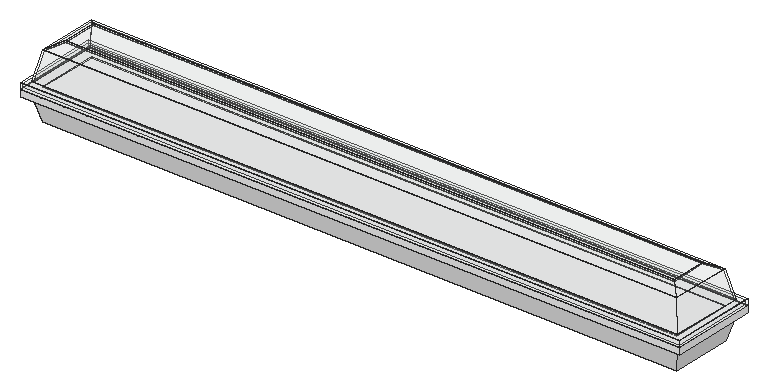
Revit family "LXEP", category Lighting Fixtures, host Face, Revit 2012
Parameters (values of type "LXEP4-40XL-DFA-EU")
  Wattage = 102 W
  built-in parameter 1150110 = 1 (stored number, unit not read)
  Voltage = 120 V
  Wattage Comments = ""
  URL = "http://www.columbialighting.com/"
  built-in parameter 1114217 = 1 (stored number, unit not read)
  Tilt Angle = -90.00°
  built-in parameter 1150109 = 1 (stored number, unit not read)
  built-in parameter 1150134 = 12
  built-in parameter 1150113 = 1 (stored number, unit not read)
  Shielding = "Deep Frosted Acrylic"
  Product Page URL = "http://www.columbialighting.com/products/lxep"
  Product Documentation Link = "http://www.columbialighting.com/content/products/specs/specs_files/lxep.pdf"
  Photometric Web File = "LXEP4-40XL-DFA-EU.ies"
  Nominal Watts = 102 W
  Model = "LXEP"  # constant formula
  Manufacturer Phone = "(864)-678-1000"  # constant formula
  Manufacturer Fax = "(866)-898-1065"  # constant formula
  Manufacturer = "Columbia Lighting"  # constant formula
  Row Length = 4.00 ft
  built-in parameter 1150105 = 787.34 (stored number, unit not read)
  Lumens = 9894 lm
  built-in parameter 1150115 = 1 (stored number, unit not read)
  Lumen Output = "Xtra High Lumen"
  built-in parameter 1150137 = (empty or 0)
  built-in parameter 1150139 = (empty or 0)
  built-in parameter 1150112 = 1 (stored number, unit not read)
  built-in parameter 1150114 = 1 (stored number, unit not read)
  Lamp = "LED Lamp"
  built-in parameter 1150132 = (empty or 0)
  built-in parameter 1150102 = (empty or 0)
  built-in parameter 1150107 = 4000 (stored number, unit not read)
  built-in parameter 1150138 = (empty or 0)
  built-in parameter 1150106 = 7.8734 (stored number, unit not read)
  Glass = White Glass
  Emit from Line Length = 2.00 ft
  built-in parameter 1150104 = 9.0116 (stored number, unit not read)
  Driver = "Fixed Output"
  Dimming Lamp Color Temperature Shift = <None>
  Description = "LXEP is specialized for indoor parking garage applications with wide-angle light distribution to light parking bays, low energy use and high lumens per watt"  # constant formula
  Default Elevation = 4.00 ft
  Color Filter = 16777215
  built-in parameter 1114218 = 1 (stored number, unit not read)
  Backbox = White
  built-in parameter 1150133 = 10 (stored number, unit not read)
  Apparent Load = 0 VA
Reference planes (ft)
  plane 1 "Center (Front/Back)": y = 0.003333
  plane 2: z = 0
  plane 3 "Center (Left/Right)": x = 0.13912
  plane 4: x = -1.86088
  plane 5: x = 2.13912
Dimensions and locks (ft)
  equal spacing: plane 5, plane 3 "Center (Left/Right)", plane 4
  "Row Length": plane 5 to plane 4
  aligned and locked: plane 2 to host face
  aligned and locked: level to host face
  aligned and locked: plane 3 "Center (Left/Right)" to nested 1
  aligned and locked: plane 4 to nested 1
  aligned and locked: plane 5 to nested 1
  aligned and locked: plane 1 "Center (Front/Back)" to nested 1
  aligned and locked: imposter light to nested 1
  aligned and locked: imposter light to plane 1 "Center (Front/Back)"
  aligned and locked: plane 3 "Center (Left/Right)" to imposter light
Automatic sketch dimensions
  host sketch curve to host sketch curve = 8.00 ft  (x2)
Nested families (ft)
  nested 1: "LED Parking Garage" at (0.309759, 0, 0), Row Length <- "Row Length", Glass <- "Glass", Backbox <- "Backbox", type "LED Parking Garage"
    with Row Length 4.00 ft, Glass White Glass, Backbox White
Connectors (ft)
  electrical at (0.13912, 0.003333, 0), driven by "Voltage", driven by "Description"
    settings: on nested 1, index 1, voltage 120 V, apparent load 0 VA, apparent load phase1 0 VA, apparent load phase2 0 VA, apparent load phase3 0 VA, power factor 1, load classification "Other", number of poles 1, system type 30, power factor state 1, is connector primary yes, connector utility no, sub classification motor no, connector description "LXEP is specialized for indoor parking garage applications with wide-angle light distribution to light parking bays, low energy use and high lumens per watt"
Definition of nested family "LED Parking Garage"
  Parameters (values of type "LED Parking Garage")
    Wattage Comments = ""
    URL = ""
    Row Length [instance] = 4.00 ft
    Product Page URL = ""
    Product Documentation Link = ""
    Model = ""
    Manufacturer Phone = "(864)-678-1000"  # constant formula
    Manufacturer Fax = "(866)-898-1065"  # constant formula
    Manufacturer = ""
    Lamp = ""
    Glass [instance] = White Glass
    Description = ""
    Default Elevation = 4.00 ft
    Backbox [instance] = White
  Reference planes (ft)
    plane 1 "Center (Front/Back)": y = 0.003333
    plane 2: z = 0
    plane 3 "Center (Left/Right)": x = -0.170639
    plane 4: x = -2.337306
    plane 5: x = 1.996027
    plane 6: y = 0.28574
    plane 7: y = -0.279075
    plane 8: z = 0.46875
    plane 9: z = 0.2
    plane 10: y = 0.244073
    plane 11: y = -0.237408
    plane 12: y = 0.202407
    plane 13: y = -0.195741
    plane 14: x = -2.170639
    plane 15: x = 1.829361
    plane 16: z = 0.427083
    plane 17: z = 0.241667
    plane 18: y = 0.119073
    plane 19: z = 0.460417
    plane 20: z = 0.0625
    plane 21: y = -0.112408
    plane 22: z = 0.158333
  Forms (ft)
    Extrusion 1, solid
      sketch origin (0, 0, 0.005297) x (1, 0, 0) y (0, 1, 0)
        loop
          line (-4, 4) -> (-4, -4) -> (4, -4) -> (4, 4) -> (-4, 4)
      from -0.005297 to -1.478638
    Extrusion 2, solid, material "White" <- "Backbox"
      sketch origin (0, 1.902299, 0.2) x (0, 1, 0) y (-1, 0, 0)
        loop
          line (-1.783226, 2.170639) -> (-2.014707, 2.170639) -> (-2.014707, -1.829361) -> (-1.783226, -1.829361) -> (-1.783226, 2.170639)
      from -0.2 to 0
    Sweep 3, solid, material "White" <- "Backbox"
      path origin (0, 1.902299, 0.2) x (0, 1, 0) y (-1, 0, 0)
        loop
          line (-1.616559, 2.337306) -> (-2.181374, 2.337306) -> (-2.181374, -1.996027) -> (-1.616559, -1.996027) -> (-1.616559, 2.337306)
      profile origin (-0.170639, 0.28574, 0.2) x (0, 1, 0) y (0, 0, 1)
        loop
          line (0, 0) -> (-0.166667, 0) -> (-0.166667, -0.2) -> (-0.083333, -0.2) -> (-0.041667, -0.041667) -> (0, -0.041667) -> (0, 0)
    Sweep 4, solid, material "White Glass" <- "Glass"
      path origin (0, 1.902299, 0.2) x (0, 1, 0) y (-1, 0, 0)
        loop
          line (-1.616559, 2.337306) -> (-2.181374, 2.337306) -> (-2.181374, -1.996027) -> (-1.616559, -1.996027) -> (-1.616559, 2.337306)
      profile origin (-0.170639, 0.28574, 0.2) x (0, 1, 0) y (0, 0, 1)
        loop
          line (0, 0) -> (0, 0.041667) -> (-0.041667, 0.041667) -> (-0.083333, 0.227083) -> (-0.166667, 0.26875) -> (-0.166667, 0.259433) -> (-0.090597, 0.221398) -> (-0.048335, 0.033333) -> (-0.008333, 0.033333) -> (-0.008333, 0.008333) -> (-0.083333, 0.008333) -> (-0.083333, 0) -> (0, 0)
    Extrusion 5, solid, material "White Glass" <- "Glass"
      sketch origin (-0.170639, 0, 0) x (0, 1, 0) y (0, 0, 1)
        loop
          line (0.119073, 0.46875) -> (-0.112408, 0.46875) -> (-0.112408, 0.459433) -> (0.119073, 0.459433) -> (0.119073, 0.46875)
      from -2 to 2
  Cuts and joins
    joined: Extrusion 2, Sweep 3
    joined: Sweep 4, Extrusion 5
  Dimensions and locks (ft)
    equal spacing: plane 5, plane 3 "Center (Left/Right)", plane 4
    equal spacing: plane 6, plane 1 "Center (Front/Back)", plane 7
    locked: plane 6 to plane 7 at 0.564815
    locked: plane 9 to plane 2 at 0.2
    locked: plane 8 to plane 2 at 0.46875
    equal spacing: plane 10, plane 1 "Center (Front/Back)", plane 11
    locked: plane 6 to plane 10 at 0.041667
    plane 10 to plane 12 = 0.041667 ft
    equal spacing: plane 12, plane 1 "Center (Front/Back)", plane 13
    plane 14 to plane 4 = 0.166667 ft
    equal spacing: plane 15, plane 3 "Center (Left/Right)", plane 14
    locked: plane 17 to plane 9 at 0.041667
    locked: plane 8 to plane 16 at 0.041667
    locked: plane 8 to plane 19 at 0.008333
    locked: plane 20 to level at 0.0625
    equal spacing: plane 21, plane 1 "Center (Front/Back)", plane 18
    locked: plane 9 to plane 22 at 0.041667
    "Row Length": plane 15 to plane 14
    locked: plane 6 to plane 18 at 0.166667
    locked: Sweep 4 sketch curve to Sweep 4 sketch curve at 0.009317
    locked: Sweep 4 sketch curve to Sweep 4 sketch curve at 0.008333  (x3)
    Sweep 4 sketch curve to Sweep 4 sketch curve to plane 17 = 0.008333 ft, 0.00 ft locked
    locked: plane 6 to Sweep 4 sketch curve at 0.008333
    aligned and locked: plane 2 to Extrusion 1
    aligned and locked: level to Extrusion 1
    aligned and locked: Extrusion 2 to level
    aligned and locked: plane 9 to Extrusion 2
    aligned and locked: plane 6 to Sweep 3 sketch curve
    aligned and locked: plane 4 to Sweep 3 sketch curve
    aligned and locked: Sweep 3 sketch curve to plane 7
    aligned and locked: Sweep 3 sketch curve to plane 5
    aligned and locked: plane 9 to Sweep 3 sketch curve
    aligned and locked: Sweep 3 sketch curve to plane 6
    aligned and locked: Sweep 3 sketch curve to plane 22
    aligned and locked: plane 22 to Sweep 3 sketch curve
    aligned and locked: plane 10 to Sweep 3 sketch curve
    aligned and locked: level to Sweep 3 sketch curve
    aligned and locked: plane 12 to Sweep 3 sketch curve
    aligned and locked: plane 18 to Sweep 3 sketch curve
    aligned and locked: Sweep 3 to Extrusion 2
    aligned and locked: Extrusion 2 to plane 2
    aligned and locked: Extrusion 2 to plane 14
    aligned and locked: plane 15 to Extrusion 2
    aligned and locked: Sweep 4 sketch curve to cut or joined group of Extrusion 2, Sweep 3  (x4)
    aligned and locked: Sweep 4 sketch curve to plane 9
    aligned and locked: plane 6 to Sweep 4 sketch curve
    aligned and locked: plane 17 to Sweep 4 sketch curve
    aligned and locked: plane 10 to Sweep 4 sketch curve
    aligned and locked: plane 16 to Sweep 4 sketch curve
    aligned and locked: plane 12 to Sweep 4 sketch curve
    aligned and locked: plane 18 to Sweep 4 sketch curve
    aligned and locked: plane 8 to Sweep 4 sketch curve
    aligned and locked: Extrusion 5 sketch curve to Sweep 4  (x4)
    aligned and locked: plane 15 to Extrusion 5
    aligned and locked: Extrusion 5 to plane 14
  Automatic sketch dimensions
    Extrusion 1 sketch curve to Extrusion 1 sketch curve = 8.00 ft  (x2)
    plane 21 to Extrusion 2 sketch curve = 0.00 ft
    plane 18 to Extrusion 2 sketch curve = 0.00 ft
    Extrusion 2 sketch curve to plane 15 = 0.00 ft
    plane 14 to Extrusion 2 sketch curve = 0.00 ft
    Sweep 4 sketch curve to Sweep 4 sketch curve = 0.041667 ft
